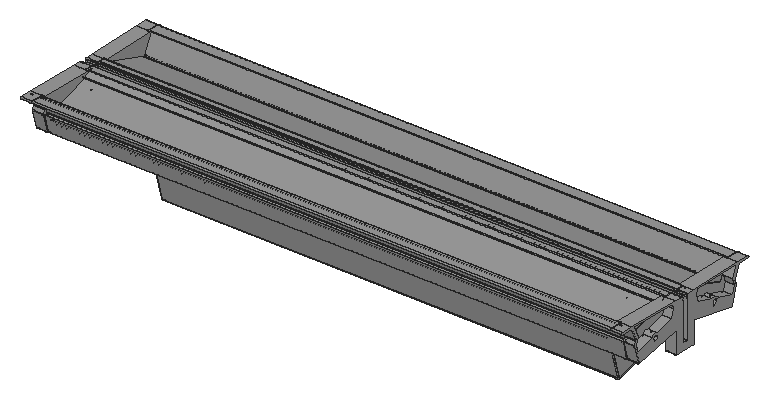
Revit family "ARON_RECESSED_LUMINAIRE", category Lighting Fixtures, host Face, Revit 2016 (continued)
Definition of nested family "Cap"
  Automatic sketch dimensions
    Extrusion 6 sketch curve to Extrusion 6 sketch curve = 0' - 0 1/256"  (x4)
    Extrusion 6 sketch curve to Extrusion 6 sketch curve = 0' - 0.71909"
    Extrusion 6 sketch curve to Extrusion 6 sketch curve = 0' - 0.00567"  (x12)
    Extrusion 6 sketch curve to Extrusion 6 sketch curve = 0' - 0.18091"  (x2)
    Extrusion 6 sketch curve to Extrusion 6 sketch curve = 0' - 0.1597"
    Extrusion 1 to Extrusion 6 sketch curve = 0' - 0.22386"
    Extrusion 6 sketch curve to Extrusion 6 sketch curve = 0' - 0.00965"  (x2)
    Extrusion 6 sketch curve to Extrusion 6 sketch curve = 0' - 0.02378"  (x2)
    Extrusion 1 to Extrusion 6 sketch curve = 0' - 0.11814"
    Extrusion 6 sketch curve to Extrusion 6 sketch curve = 0' - 0.02944"
    Extrusion 6 sketch curve to Extrusion 6 sketch curve = 0' - 0.0479"
    Extrusion 6 sketch curve to Extrusion 6 sketch curve = 0' - 0.00096"  (x2)
    Extrusion 6 sketch curve to Extrusion 1 = 0' - 0.01818"  (x2)
    Extrusion 6 sketch curve to Extrusion 1 = 0' - 0.03465"
    Extrusion 6 sketch curve to Extrusion 1 = 0' - 0.05937"
    Extrusion 6 sketch curve to Extrusion 6 sketch curve = 0' - 0.02083"  (x4)
    Extrusion 6 sketch curve to Extrusion 1 = 0' - 0.11154"  (x2)
    Extrusion 6 sketch curve to Extrusion 1 = 0' - 0.06346"  (x2)
    Extrusion 6 sketch curve to Extrusion 6 sketch curve = 0' - 0.00472"
    Extrusion 6 sketch curve to Extrusion 1 = 0' - 0.05653"
    Extrusion 1 to Extrusion 6 sketch curve = 0' - 0.14353"  (x2)
    Extrusion 6 sketch curve to Extrusion 1 = 0' - 0.05906"
    Extrusion 6 sketch curve to Extrusion 1 = 0' - 0.03791"
    Extrusion 6 sketch curve to Extrusion 1 = 0' - 0.05874"
    Extrusion 6 sketch curve to Extrusion 1 = 0' - 0.0802"
    Extrusion 6 sketch curve to Extrusion 1 = 0' - 0.04389"
    Extrusion 1 to Extrusion 6 sketch curve = 0' - 0.06865"
    Extrusion 1 to Extrusion 6 sketch curve = 0' - 0.06927"
    Extrusion 6 sketch curve to Extrusion 6 sketch curve = 0' - 0.04886"
    Extrusion 1 to Extrusion 6 sketch curve = 0' - 0.19044"
    Extrusion 6 sketch curve to Extrusion 6 sketch curve = 0' - 0.70959"
    Extrusion 6 sketch curve to Extrusion 6 sketch curve = 0' - 0.16538"
    Extrusion 1 to Extrusion 6 sketch curve = 0' - 0.82447"
    Extrusion 6 sketch curve to Extrusion 6 sketch curve = 0' - 0.65684"
    Extrusion 6 sketch curve to Extrusion 6 sketch curve = 0' - 0.0015"  (x2)
    Extrusion 1 to Extrusion 6 sketch curve = 0' - 0.82597"
    Extrusion 6 sketch curve to Extrusion 6 sketch curve = 0' - 0.07644"  (x2)
    Extrusion 1 to Extrusion 6 sketch curve = 0' - 0.77077"
    Extrusion 6 sketch curve to Extrusion 6 sketch curve = 0' - 0"  (x3)
    Extrusion 6 sketch curve to Extrusion 6 sketch curve = 0' - 0.19733"  (x2)
    Extrusion 6 sketch curve to Extrusion 6 sketch curve = 0' - 0.02233"  (x2)
    Extrusion 1 to Extrusion 6 sketch curve = 0' - 0.20948"  (x2)
    Extrusion 6 sketch curve to Extrusion 6 sketch curve = 0' - 0.01686"  (x2)
    Extrusion 6 sketch curve to Extrusion 6 sketch curve = 0' - 0.06864"  (x2)
    Extrusion 1 to Extrusion 6 sketch curve = 0' - 0.07832"  (x2)
    Extrusion 6 sketch curve to Extrusion 6 sketch curve = 0' - 0.18064"  (x2)
    Extrusion 1 to Extrusion 8 sketch curve = 0' - 1.08918"  (x2)
    Extrusion 1 to Extrusion 8 sketch curve = 0' - 0.82597"  (x2)
    Extrusion 8 sketch curve to Extrusion 8 sketch curve = 0' - 0.12262"  (x2)
Definition of nested family "Electric"
  Parameters (values of type "Electric")
    Electrical Casing Original Material = none
    Default Elevation = 4' - 0"
  Reference planes (in)
    plane 1 "Center (Front/Back)": y = 0
    plane 2: z = 0
    plane 3 "Center (Left/Right)": x = 0
    plane 4: y = -10.17276
    plane 5: y = 10.17276
    plane 6 "Top": z = 1.2461
    plane 7: y = 9.42526
    plane 8: y = -9.42526
    plane 9: x = -0.9252
    plane 10: x = 0.9252
    plane 11 "Bottom": z = 0.036
    plane 12: x = -0.88887
    plane 13: x = 0.88887
  Forms (in)
    Extrusion 1, solid
      sketch origin (0, 0, 0) x (1, 0, 0) y (0, 1, 0)
        loop
          line (-48, 48) -> (-48, -48) -> (48, -48) -> (48, 48) -> (-48, 48)
      from 0 to -12
    Extrusion 2, solid, material <- "Electrical Casing Original Material"
      sketch origin (0, 0, 0) x (1, 0, 0) y (0, 0, 1)
        loop
          line (-0.8892, -0.17572) -> (-0.8892, 1.18927)
          arc (-0.8892, 1.18927) -> (-0.88309, 1.204) -> (-0.86836, 1.2101) r 0.02083
          line (-0.86836, 1.2101) -> (0.86836, 1.2101)
          arc (0.86836, 1.2101) -> (0.88309, 1.204) -> (0.8892, 1.18927) r 0.02083
          line (0.8892, 1.18927) -> (0.8892, -0.17572) -> (0.9252, -0.17572) -> (0.9252, 1.22527)
          arc (0.9252, 1.22527) -> (0.9191, 1.24) -> (0.90436, 1.2461) r 0.02083
          line (0.90436, 1.2461) -> (-0.90436, 1.2461)
          arc (-0.90436, 1.2461) -> (-0.91909, 1.24) -> (-0.9252, 1.22527) r 0.02083
          line (-0.9252, 1.22527) -> (-0.9252, -0.17572) -> (-0.8892, -0.17572)
      from -9.42526 to 9.42526
    Extrusion 3, void
      sketch origin (0, 0, 1.2461) x (-1, 0, 0) y (0, -1, 0)
        loop
          arc (0.01028, -5.67876) -> (-0.03995, -5.77427) -> (0.05556, -5.72404) r 0.0565
          arc (0.05556, -5.72404) -> (0.03995, -5.69436) -> (0.01028, -5.67876) r 0.0565
        loop
          arc (-0.5559, -5.32598) -> (-0.66681, -5.40008) -> (-0.53598, -5.37406) r 0.068
          arc (-0.53598, -5.37406) -> (-0.54116, -5.34804) -> (-0.5559, -5.32598) r 0.068
        loop
          arc (0.03995, -9.15893) -> (-0.05396, -9.21564) -> (0.05556, -9.20916) r 0.0565
          arc (0.05556, -9.20916) -> (0.05396, -9.18212) -> (0.03995, -9.15893) r 0.0565
        loop
          line (0.73819, -8.96266) -> (0.73819, -5.97054) -> (-0.73819, -5.97054) -> (-0.73819, -8.96266) -> (0.73819, -8.96266)
      from 0 to -0.036
    Extrusion 4, solid, material <- "Electrical Casing Original Material"
      sketch origin (0, 0, 0) x (0, 1, 0) y (0, 0, 1)
        loop
          arc (-9.5001, 0.05683) -> (-9.5062, 0.0421) -> (-9.52094, 0.036) r 0.02083
          line (-9.52094, 0.036) -> (-10.17276, 0.036) -> (-10.17276, 0) -> (-9.5001, 0)
          arc (-9.5001, 0) -> (-9.47465, 0.01054) -> (-9.4641, 0.036) r 0.036
          line (-9.4641, 0.036) -> (-9.4641, 1.2101) -> (-9.42526, 1.2101) -> (-9.42526, 1.2461) -> (-9.4641, 1.2461)
          arc (-9.4641, 1.2461) -> (-9.48956, 1.23556) -> (-9.5001, 1.2101) r 0.036
          line (-9.5001, 1.2101) -> (-9.5001, 0.05683)
        loop
          line (9.5001, 0.05683) -> (9.5001, 1.2101)
          arc (9.5001, 1.2101) -> (9.48956, 1.23556) -> (9.4641, 1.2461) r 0.036
          line (9.4641, 1.2461) -> (9.42526, 1.2461) -> (9.42526, 1.2101) -> (9.4641, 1.2101) -> (9.4641, 0.036)
          arc (9.4641, 0.036) -> (9.47465, 0.01054) -> (9.5001, 0) r 0.036
          line (9.5001, 0) -> (10.17276, 0) -> (10.17276, 0.036) -> (9.52094, 0.036)
          arc (9.52094, 0.036) -> (9.5062, 0.0421) -> (9.5001, 0.05683) r 0.02083
      from -0.88887 to 0.88887
    Extrusion 5, void
      sketch origin (0, 0, 0.036) x (0, -1, 0) y (1, 0, 0)
        loop
          arc (-9.91788, -0.0265) -> (-9.89668, -0.0556) -> (-9.86403, -0.0708) r 0.072
          arc (-9.86403, -0.0708) -> (-9.80519, 0.0556) -> (-9.91788, -0.0265) r 0.072
        loop
          arc (9.91788, -0.0265) -> (9.80519, 0.0556) -> (9.86403, -0.0708) r 0.072
          arc (9.86403, -0.0708) -> (9.89668, -0.0556) -> (9.91788, -0.0265) r 0.072
      from 0 to -0.036
  Cuts and joins
    Extrusion 3 cuts Extrusion 2
    Extrusion 5 cuts Extrusion 4
    joined: Extrusion 2, Extrusion 4
  Dimensions and locks (in)
    plane 5 to plane 4 = 1' - 8.34553"
    equal spacing: plane 5, plane 1 "Center (Front/Back)", plane 4
    aligned and locked: plane 2 to Extrusion 1
    aligned and locked: level to Extrusion 1
    aligned and locked: cut or joined group of Extrusion 2, Extrusion 3, Extrusion 4, Extrusion 5 to plane 12
    aligned and locked: plane 13 to cut or joined group of Extrusion 2, Extrusion 3, Extrusion 4, Extrusion 5
  Automatic sketch dimensions
    Extrusion 1 sketch curve to Extrusion 1 sketch curve = 8' - 0"  (x2)
    Extrusion 3 sketch curve to Extrusion 3 sketch curve = 0' - 0"  (x6)
    Extrusion 3 sketch curve to plane 3 "Center (Left/Right)" = 0' - 0"  (x2)
    plane 3 "Center (Left/Right)" to Extrusion 3 sketch curve = 0' - 0.60399"
    Extrusion 3 sketch curve to Extrusion 3 sketch curve = 0' - 0.1342"
    Extrusion 3 sketch curve to plane 3 "Center (Left/Right)" = 0' - 0.73819"
    Extrusion 3 sketch curve to plane 5 = 0' - 0.97388"
    Extrusion 3 sketch curve to Extrusion 3 sketch curve = 0' - 0.23622"  (x2)
    Extrusion 3 sketch curve to Extrusion 3 sketch curve = 0' - 2.99213"
    Extrusion 3 sketch curve to Extrusion 3 sketch curve = 0' - 0.59648"
    Extrusion 3 sketch curve to Extrusion 3 sketch curve = 0' - 0.068"
    Extrusion 3 sketch curve to Extrusion 3 sketch curve = 0' - 0.01992"
    Extrusion 3 sketch curve to plane 3 "Center (Left/Right)" = 0' - 0.01028"
    Extrusion 3 sketch curve to plane 3 "Center (Left/Right)" = 0' - 0.03995"
    Extrusion 3 sketch curve to Extrusion 3 sketch curve = 0' - 0 1/64"
    Extrusion 3 sketch curve to plane 3 "Center (Left/Right)" = 0' - 0.05556"
    Extrusion 3 sketch curve to Extrusion 3 sketch curve = 0' - 0.01028"  (x2)
    Extrusion 3 sketch curve to Extrusion 3 sketch curve = 0' - 0.04808"
    Extrusion 5 sketch curve to Extrusion 5 sketch curve = 0' - 0"  (x3)
    plane 3 "Center (Left/Right)" to Extrusion 5 sketch curve = 0' - 0"  (x2)
    Extrusion 5 sketch curve to plane 5 = 0' - 0.32183"
    Extrusion 5 sketch curve to Extrusion 5 sketch curve = 0' - 0.0131"  (x2)
    Extrusion 5 sketch curve to plane 3 "Center (Left/Right)" = 0' - 0.0265"  (x2)
    Extrusion 5 sketch curve to Extrusion 5 sketch curve = 0' - 0.05384"  (x2)
    plane 4 to Extrusion 5 sketch curve = 0' - 0.32183"
    Extrusion 4 sketch curve to plane 11 "Bottom" = 0' - 0"  (x2)
    Extrusion 4 sketch curve to level = 0' - 0"  (x2)
    Extrusion 4 sketch curve to plane 6 "Top" = 0' - 0"  (x2)
    Extrusion 4 sketch curve to plane 8 = 0' - 0"
    Extrusion 4 sketch curve to plane 7 = 0' - 0"
    Extrusion 4 sketch curve to plane 8 = 0' - 0.03884"
    Extrusion 4 sketch curve to Extrusion 4 sketch curve = 0' - 0"  (x5)
    plane 11 "Bottom" to Extrusion 4 sketch curve = 0' - 0"  (x2)
    Extrusion 4 sketch curve to Extrusion 4 sketch curve = 0' - 0.02083"
    plane 4 to Extrusion 4 sketch curve = 0' - 0"
    plane 7 to Extrusion 4 sketch curve = 0' - 0.03884"
    Extrusion 4 sketch curve to plane 6 "Top" = 0' - 0.036"
    plane 11 "Bottom" to Extrusion 4 sketch curve = 0' - 0.02083"
    Extrusion 4 sketch curve to plane 5 = 0' - 0"
    Extrusion 2 sketch curve to plane 9 = 0' - 0"
    Extrusion 2 sketch curve to plane 6 "Top" = 0' - 0"
    Extrusion 2 sketch curve to plane 10 = 0' - 0"
    Extrusion 2 sketch curve to plane 6 "Top" = 0' - 0.02083"  (x2)
    plane 9 to Extrusion 2 sketch curve = 0' - 0.036"
    Extrusion 2 sketch curve to Extrusion 2 sketch curve = 0' - 0.02083"
    Extrusion 2 sketch curve to plane 6 "Top" = 0' - 0.036"
    Extrusion 2 sketch curve to plane 10 = 0' - 0.05683"
    Extrusion 2 sketch curve to Extrusion 2 sketch curve = 0' - 0.036"
    Extrusion 2 sketch curve to level = 0' - 0.17572"  (x2)
Types (18): name | Wattage | Voltage | Void Length | Total Lumens | built-in parameter 1150134 | Series | Photometric Web File | Model | built-in parameter 1150105 | Lumens | Luminaire Length | Lumens Per Lamp | built-in parameter 1150107 | built-in parameter 1150106 | Emit from Rectangle Length
  TBAR-2FT-3000K-UNV-2000-B2-80-DM | 13.4642 W | 120 V | 2' - 0 15/16" | 2000 lm | (empty or 0) | "TBAR" | "TBAR-2FT-3000K-UNV-2000-B2-80-DM.ies" | "TBAR-2FT-300K-UNV-2000-B2-80-DM" | 159.15 (stored number, unit not read) | 2000 lm | 2' - 0" | 1000 lm | 3000 (stored number, unit not read) | 1.5915 (stored number, unit not read) | 2' - 0 15/16"
  TBAR-2FT-3000K-UNV-2500-B2-80-DM | 16.8303 W | 120 V | 2' - 0 15/16" | 2500 lm | (empty or 0) | "TBAR" | "TBAR-2FT-3000K-UNV-2500-B2-80-DM.ies" | "TBAR-2FT-3000K-UNV-2500-B2-80-DM" | 198.94 (stored number, unit not read) | 2500 lm | 2' - 0" | 1250 lm | 3000 (stored number, unit not read) | 1.9894 (stored number, unit not read) | 2' - 0 15/16"
  TBAR-2FT-3000K-UNV-3000-B2-80-DM | 20.1963 W | 120 V | 2' - 0 15/16" | 3000 lm | (empty or 0) | "" | "TBAR-2FT-3000K-UNV-3000-B2-80-DM.ies" | "TBAR-2FT-3000K-UNV-3000-B2-80-DM" | 238.73 (stored number, unit not read) | 3000 lm | 2' - 0" | 1500 lm | 3000 (stored number, unit not read) | 2.3873 (stored number, unit not read) | 2' - 0 15/16"
  TBAR-2FT-3500K-UNV-2000-B2-80-DM | 13.4642 W | 120 V | 2' - 0 15/16" | 2000 lm | (empty or 0) | "TBAR" | "TBAR-2FT-3500K-UNV-2000-B2-80-DM.ies" | "TBAR-2FT-3500K-UNV-2000-B2-80-DM" | 159.15 (stored number, unit not read) | 2000 lm | 2' - 0" | 1000 lm | 3500 (stored number, unit not read) | 1.5915 (stored number, unit not read) | 2' - 0 15/16"
  TBAR-2FT-3500K-UNV-2500-B2-80-DM | 13.4642 W | 120 V | 2' - 0 15/16" | 2500 lm | (empty or 0) | "TBAR" | "TBAR-2FT-3500K-UNV-2500-B2-80-DM.ies" | "TBAR-2FT-3500K-UNV-2500-B2-80-DM" | 159.15 (stored number, unit not read) | 2000 lm | 2' - 0" | 1250 lm | 3500 (stored number, unit not read) | 1.5915 (stored number, unit not read) | 2' - 0 15/16"
  TBAR-2FT-3500K-UNV-3000-B2-80-DM | 13.4642 W | 120 V | 2' - 0 15/16" | 3000 lm | (empty or 0) | "TBAR" | "TBAR-2FT-3500K-UNV-3000-B2-80-DM.ies" | "TBAR-2FT-3500-UNV-3000-B2-80-DM" | 159.15 (stored number, unit not read) | 2000 lm | 2' - 0" | 1500 lm | 3500 (stored number, unit not read) | 1.5915 (stored number, unit not read) | 2' - 0 15/16"
  TBAR-2FT-4000K-UNV-2000-B2-80-DM | 13.4642 W | 120 V | 2' - 0 15/16" | 2000 lm | 12 | "TBAR" | "TBAR-2FT-4000K-UNV-2000-B2-80-DM.ies" | "TBAR-2FT-4000K-UNV-2000-B2-80-DM" | 159.15 (stored number, unit not read) | 2000 lm | 2' - 0" | 1000 lm | 4000 (stored number, unit not read) | 1.5915 (stored number, unit not read) | 2' - 0 15/16"
  TBAR-2FT-4000K-UNV-2500-B2-80-DM | 13.4642 W | 120 V | 2' - 0 15/16" | 2500 lm | 12 | "TBAR" | "TBAR-2FT-4000K-UNV-2500-B2-80-DM.ies" | "TBAR-2FT-4000K-UNV-2500-B2-80-DM" | 159.15 (stored number, unit not read) | 2000 lm | 2' - 0" | 1250 lm | 4000 (stored number, unit not read) | 1.5915 (stored number, unit not read) | 2' - 0 15/16"
  TBAR-2FT-4000K-UNV-3000-B2-80-DM | 13.4642 W | 120 V | 2' - 0 15/16" | 3000 lm | 12 | "TBAR" | "TBAR-2FT-4000K-UNV-3000-B2-80-DM.ies" | "TBAR-2FT-4000K-UNV-3000-B2-80-DM" | 159.15 (stored number, unit not read) | 2000 lm | 2' - 0" | 1500 lm | 4000 (stored number, unit not read) | 1.5915 (stored number, unit not read) | 2' - 0 15/16"
  TBAR-4FT-3000K-UNV-4000-B2-80-DM | 13.4642 W | 277 V | 4' - 0 15/16" | 4000 lm | (empty or 0) | "TBAR" | "TBAR-4FT-3000K-UNV-4000-B2-80-DM.ies" | "TBAR-4FT-3000K-UNV-4000-B2-80-DM" | 159.15 (stored number, unit not read) | 2000 lm | 4' - 0" | 2000 lm | 3000 (stored number, unit not read) | 1.5915 (stored number, unit not read) | 4' - 0 15/16"
  TBAR-4FT-3000K-UNV-5000-B2-80-DM | 13.4642 W | 277 V | 4' - 0 15/16" | 5000 lm | (empty or 0) | "TBAR" | "TBAR-4FT-3000K-UNV-5000-B2-80-DM.ies" | "TBAR-4FT-3000K-UNV-5000-B2-80-DM" | 159.15 (stored number, unit not read) | 2000 lm | 4' - 0" | 2500 lm | 3000 (stored number, unit not read) | 1.5915 (stored number, unit not read) | 4' - 0 15/16"
  TBAR-4FT-3000K-UNV-6000-B2-80-DM | 13.4642 W | 277 V | 4' - 0 15/16" | 6000 lm | (empty or 0) | "TBAR" | "TBAR-4FT-3000K-UNV-6000-B2-80-DM.ies" | "TBAR-4FT-3000K-UNV-6000-B2-80-DM" | 159.15 (stored number, unit not read) | 2000 lm | 4' - 0" | 3000 lm | 3000 (stored number, unit not read) | 1.5915 (stored number, unit not read) | 4' - 0 15/16"
  TBAR-4FT-3500K-UNV-4000-B2-80-DM | 13.4642 W | 277 V | 4' - 0 15/16" | 4000 lm | (empty or 0) | "TBAR" | "TBAR-4FT-3500K-UNV-4000-B2-80-DM.ies" | "TBAR-4FT-3500K-UNV-4000-B2-80-DM" | 159.15 (stored number, unit not read) | 2000 lm | 4' - 0" | 2000 lm | 3500 (stored number, unit not read) | 1.5915 (stored number, unit not read) | 4' - 0 15/16"
  TBAR-4FT-3500K-UNV-5000-B2-80-DM | 13.4642 W | 277 V | 4' - 0 15/16" | 5000 lm | (empty or 0) | "TBAR" | "TBAR-4FT-3500K-UNV-5000-B2-80-DM.ies" | "TBAR-4FT-3500K-UNV-5000-B2-80-DM" | 159.15 (stored number, unit not read) | 2000 lm | 4' - 0" | 2500 lm | 3500 (stored number, unit not read) | 1.5915 (stored number, unit not read) | 4' - 0 15/16"
  TBAR-4FT-3500K-UNV-6000-B2-80-DM | 13.4642 W | 277 V | 4' - 0 15/16" | 6000 lm | (empty or 0) | "TBAR" | "TBAR-4FT-3500K-UNV-6000-B2-80-DM.ies" | "TBAR-4FT-3500K-UNV-6000-B2-80-DM" | 159.15 (stored number, unit not read) | 2000 lm | 4' - 0" | 3000 lm | 3500 (stored number, unit not read) | 1.5915 (stored number, unit not read) | 4' - 0 15/16"
  TBAR-4FT-4000K-UNV-4000-B2-80-DM | 13.4642 W | 277 V | 4' - 0 15/16" | 4000 lm | 12 | "TBAR" | "TBAR-4FT-4000K-UNV-4000-B2-80-DM.ies" | "TBAR-4FT-4000K-UNV-4000-B2-80-DM" | 159.15 (stored number, unit not read) | 2000 lm | 4' - 0" | 2000 lm | 4000 (stored number, unit not read) | 1.5915 (stored number, unit not read) | 4' - 0 15/16"
  TBAR-4FT-4000K-UNV-5000-B2-80-DM | 13.4642 W | 277 V | 4' - 0 15/16" | 5000 lm | 12 | "TBAR" | "TBAR-4FT-4000K-UNV-5000-B2-80-DM.ies" | "TBAR-4FT-4000K-UNV-5000-B2-80-DM" | 159.15 (stored number, unit not read) | 2000 lm | 4' - 0" | 2500 lm | 4000 (stored number, unit not read) | 1.5915 (stored number, unit not read) | 4' - 0 15/16"
  TBAR-4FT-4000K-UNV-6000-B2-80-DM | 13.4642 W | 277 V | 4' - 0 15/16" | 6000 lm | 12 | "TBAR" | "TBAR-4FT-4000K-UNV-6000-B2-80-DM.ies" | "TBAR-4FT-4000K-UNV-6000-B2-80-DM" | 159.15 (stored number, unit not read) | 2000 lm | 4' - 0" | 3000 lm | 4000 (stored number, unit not read) | 1.5915 (stored number, unit not read) | 4' - 0 15/16"
